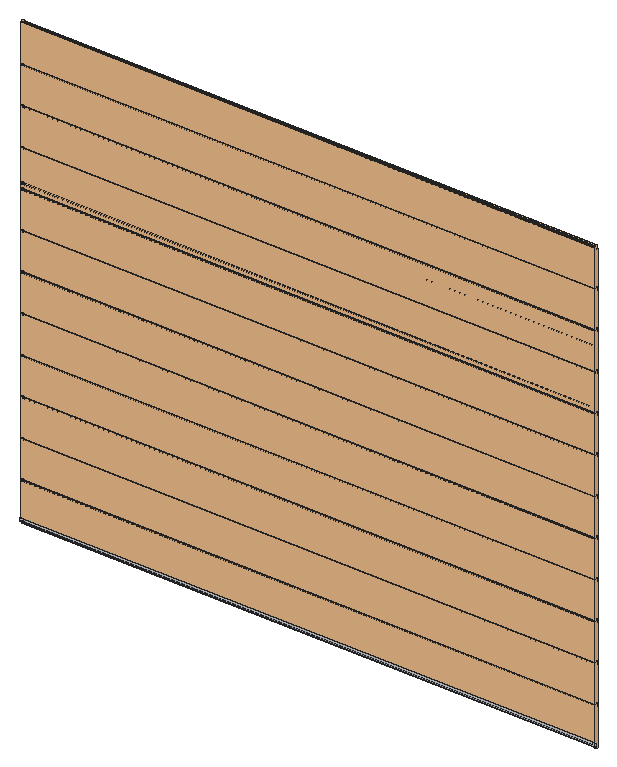
Revit family "Wall-Cladding_Wall-Cladding-13173-Nail_Lamboo", category Generic Models, host Wall, Revit 2024
Family settings
  Host = Wall
  Can host rebar = No
  Round Connector Dimension = Use Diameter
  Part Type = Normal
  Always vertical = Yes
  Cut with Voids When Loaded = Yes
  Maintain Annotation Orientation = No
  Shared = No
  Room Calculation Point = No
Parameters (values of type "Cladding-13173_Nail")
  LL = if(Length < 36.00", 36.00", if(Length > 96.00", 96.00", Length))  # 96.00"
  Keynote = "07 42 23"
  Length = 96.00"
  URL = "https://www.lamboo.us/"
  Specification = "https://www.arcat.com/company/lamboo-technologies-46687/spec"
  Product Documentation Link = "https://www.arcat.com/arcatcos/cos46/arc46687.html"
  Model = "Cladding-13173"
  Manufacturer = "Lamboo® Technologies™"  # constant formula
  Height = 60.00"
  Default Elevation = 0.00"
  Copyright = "© 2022 Lamboo® Technologies™"  # constant formula
Types (2): name | Height
  Cladding-13173_Nail | 60.00"
  Cladding-13173-With Nail | 84.00"
Reference planes (in)
  plane 1: y = 0
  plane 2 "Center (Left/Right)": x = 0
  plane 3 "Wall Edge": y = 6
  plane 4: z = 6.416
  plane 5: z = 60
  plane 6: z = 50.869
  plane 7: x = -96
Text (in)
  text "Placement Side" at (0, 40.15149, 123.01588), in view "Right"
  text "Placement Side" at (-70.3804, 28.46503, 0), in view "Ref. Level"
  text "Placement Side" at (0, 81.62555, 140.59947), in view "Left"
Dimensions and locks (in)
  locked: plane 3 "Wall Edge" to host wall
  locked: plane 4 to level at 6.416
  equal spacing: group 1, group 2, group 3, group 4, group 5, group 6, group 7, group 8, group 9, group 10, group 11  (x3)
  "Height": plane 5 to level
  plane 4 to plane 5 = 53.584"
  locked: nested 1 to level at 0.03608
  locked: nested 1 to plane 4 at 6.811
  locked: plane 6 to plane 5 at 9.131
  nested 3 to nested 4 = 6.223"
  plane 4 to nested 5 = 24.892"
  "LL": plane 7 to plane 2 "Center (Left/Right)"
  aligned and locked: nested 1 to plane 2 "Center (Left/Right)"
  aligned and locked: nested 1 to level
  aligned and locked: nested 1 to plane 3 "Wall Edge"
  aligned and locked: plane 5 to nested 6  (x2)
  aligned and locked: plane 3 "Wall Edge" to nested 6
  aligned and locked: nested 6 to plane 2 "Center (Left/Right)"
  aligned and locked: nested 2 to plane 3 "Wall Edge"
  aligned and locked: plane 3 "Wall Edge" to nested 10
Nested families (in)
  nested 1: "Wall cladding Bottom" at (0, 6, 6.416) x (-1, 0, 0) z (0, 0, 1), type "WALL CLADDING- 13173"
  nested 2: "Wall cladding" at (0, 6, 12.639) x (-1, 0, 0) z (0, 0, 1), type "WALL CLADDING- 13173"
  nested 3: "Wall cladding" at (0, 6, 18.862) x (-1, 0, 0) z (0, 0, 1), type "WALL CLADDING- 13173"
  nested 4: "Wall cladding" at (0, 6, 25.085) x (-1, 0, 0) z (0, 0, 1), type "WALL CLADDING- 13173"
  nested 5: "Wall cladding" at (0, 6, 31.308) x (-1, 0, 0) z (0, 0, 1), type "WALL CLADDING- 13173"
  nested 6: "Top" at (0, 6, 50.869) x (-1, 0, 0) z (0, 0, 1), type "WALL CLADDING- 13173"
    with Max. Length 96.00", H1 9.131", Array 9
  nested 7: "Wall cladding" at (0, 6, 37.531) x (-1, 0, 0) z (0, 0, 1), type "WALL CLADDING- 13173"
  nested 8: "Wall cladding" at (0, 6, 43.754) x (-1, 0, 0) z (0, 0, 1), type "WALL CLADDING- 13173"
  nested 9: "Wall cladding" at (0, 6, 49.977) x (-1, 0, 0) z (0, 0, 1), type "WALL CLADDING- 13173"
  nested 10: "Wall cladding" at (0, 6, 56.2) x (-1, 0, 0) z (0, 0, 1), type "WALL CLADDING- 13173"
  nested 11: "Wall cladding" at (0, 6, 62.423) x (-1, 0, 0) z (0, 0, 1), type "WALL CLADDING- 13173"
  nested 12: "Wall cladding" at (0, 6, 68.646) x (-1, 0, 0) z (0, 0, 1), type "WALL CLADDING- 13173"
  nested 13: "Wall cladding" at (0, 6, 74.869) x (-1, 0, 0) z (0, 0, 1), type "WALL CLADDING- 13173"
Definition of nested family "Wall cladding Bottom"
  Parameters (values of type "WALL CLADDING- 13173")
    URL = "https://www.lamboo.us/"
    Thickness = 0.54688"  # constant formula
    Specification = "https://www.arcat.com/cad/lamboo/074223_wall-cladding---13-mm-x-173-mm.pdf"
    Product Page URL = "https://www.arcat.com/company/lamboo-technologies-46687-lamboo/cad"
    Product Documentation Link = "https://www.arcat.com/cad/lamboo/074223_wall-cladding---13-mm-x-173-mm.pdf"
    Model = "WALL CLADDING- 13173"
    Max. Length = 96.00"
    Manufacturer = "Lamboo® Technologies™"  # constant formula
    Length = if(Max. Length > 96.00", 96.00", if(Max. Length < 12.00", 12.00", Max. Length))  # 96.00"
    Height = 6.83984"  # constant formula
    Finishing = none
    Default Elevation = 48.00"
    Copyright = "© 2022 Lamboo® Technologies™"  # constant formula
  Reference planes (in)
    plane 1 "Center (Front/Back)": y = 0
    plane 2: z = 0
    plane 3 "Center (Left/Right)": x = 0
    plane 4: x = 96
  Forms (in)
    Extrusion 1, solid, material <- "Finishing"
      sketch origin (0, 0, -3.12698) x (0, -1, 0) y (0, 0, -1)
        loop
          arc (0.37959, 3.68402) -> (0.36574, 3.67828) -> (0.36, 3.66443) r 0.01959
          line (0.36, 3.66443) -> (0.36, 3.09602) -> (0.19639, 3.09602) -> (0.19699, 3.23312)
          arc (0.19699, 3.23312) -> (0.19124, 3.24713) -> (0.17726, 3.25294) r 0.01973
          line (0.17726, 3.25294) -> (0.01963, 3.25294)
          arc (0.01963, 3.25294) -> (0.00575, 3.24719) -> (0, 3.23331) r 0.01963
          line (0, 3.23331) -> (0, -2.93998) -> (0.17737, -2.93998)
          arc (0.17737, -2.93998) -> (0.19125, -2.94573) -> (0.197, -2.95961) r 0.01963
          line (0.197, -2.95961) -> (0.197, -3.10707)
          arc (0.197, -3.10707) -> (0.20283, -3.12115) -> (0.21691, -3.12698) r 0.01991
          line (0.21691, -3.12698) -> (0.3403, -3.12698)
          arc (0.3403, -3.12698) -> (0.35423, -3.12121) -> (0.36, -3.10728) r 0.0197
          line (0.36, -3.10728) -> (0.36, -2.85698) -> (0.279, -2.81398) -> (0.279, -2.74109) -> (0.279, -2.67398) -> (0.36, -2.63098) -> (0.36, -2.53898) -> (0.455, -2.53898) -> (0.546, -2.44798) -> (0.546, 3.56602)
          arc (0.546, 3.56602) -> (0.51144, 3.64946) -> (0.428, 3.68402) r 0.118
          line (0.428, 3.68402) -> (0.37959, 3.68402)
      from 0 to 96
    Sweep 2, solid
      path origin (0, 0, -3.12698) x (1, 0, 0) y (0, 0, -1)
        loop
          line (0, 3.68402) -> (96, 3.68402)
      profile origin (48, 0, -6.811) x (0, 0, -1) y (0, 1, 0)
        loop
          line (-0.895, 0.08361) -> (-0.895, 0.04761) -> (-0.431, 0.04761) -> (-0.431, -0.19647) -> (-0.588, -0.19647) -> (-0.588, -0.23239) -> (-0.395, -0.23239) -> (-0.395, 0.08361) -> (-0.895, 0.08361)
  Lines and regions (in)
    symbolic lines
      curve 1: line (0, 0.35903, -6.10272) -> (0, 0.044, -6.10272)
      curve 2: line (0, 0.35903, -6.16276) -> (0, 0.35903, -6.10272)
      curve 3: line (0, 0.044, -6.16276) -> (0, 0.35903, -6.16276)
      curve 4: line (0, 0.044, -6.10272) -> (0, 0.044, -6.16276)
      curve 5: line (0, 0.044, -6.20432) -> (0, 0.044, -6.06153)
      curve 6: line (0, 0.00845, -6.08379) -> (0, 0.00845, -6.18206)
      curve 7: arc (0, 0.044, -6.06153) -> (0, 0.02196, -6.06585) -> (0, 0.00845, -6.08379) r 0.03139
      curve 8: arc (0, 0.044, -6.20432) -> (0, 0.02196, -6.2) -> (0, 0.00845, -6.18206) r 0.03139
      curve 9: line (0, 0.35903, -6.10272) -> (0, 0.47883, -6.13259)
      curve 10: line (0, 0.47883, -6.13259) -> (0, 0.35903, -6.16276)
      curve 21: line (0, -0.279, -0.35366) -> (0, 0.64134, -0.35366)
      curve 22: line (0, 0.64134, -0.4137) -> (0, -0.279, -0.4137)
      curve 23: line (0, 0.64134, -0.35366) -> (0, 0.64134, -0.4137)
      curve 24: line (0, 0.64134, -0.35366) -> (0, 0.76149, -0.38361)
      curve 25: line (0, 0.76149, -0.38361) -> (0, 0.64134, -0.4137)
      curve 26: line (0, -0.279, -0.35366) -> (0, -0.3544, -0.27825)
      curve 27: line (0, -0.279, -0.4137) -> (0, -0.3544, -0.4891)
      curve 28: line (0, -0.3544, -0.27825) -> (0, -0.3544, -0.4891)
      curve 29: line (0, -0.15867, -5.31658) -> (0, -0.36867, -5.31658)
      curve 30: line (0, -0.15867, -6.08458) -> (0, -0.15867, -5.31658)
      curve 31: line (0, -0.36867, -6.08458) -> (0, -0.15867, -6.08458)
      curve 32: line (0, -0.36867, -5.31658) -> (0, -0.36867, -6.08458)
      curve 37: line (0, -0.15867, -0.74425) -> (0, -0.36867, -0.74425)
      curve 38: line (0, -0.15867, -1.51225) -> (0, -0.15867, -0.74425)
      curve 39: line (0, -0.36867, -1.51225) -> (0, -0.15867, -1.51225)
      curve 40: line (0, -0.36867, -0.74425) -> (0, -0.36867, -1.51225)
      curve 41: line (0, -0.15867, -4.40212) -> (0, -0.36867, -4.40212)
      curve 42: line (0, -0.15867, -5.17012) -> (0, -0.15867, -4.40212)
      curve 43: line (0, -0.36867, -5.17012) -> (0, -0.15867, -5.17012)
      curve 44: line (0, -0.36867, -4.40212) -> (0, -0.36867, -5.17012)
      curve 45: line (0, -0.15867, -3.48765) -> (0, -0.36867, -3.48765)
      curve 46: line (0, -0.15867, -4.25565) -> (0, -0.15867, -3.48765)
      curve 47: line (0, -0.36867, -4.25565) -> (0, -0.15867, -4.25565)
      curve 48: line (0, -0.36867, -3.48765) -> (0, -0.36867, -4.25565)
      curve 49: line (0, -0.15867, -2.57318) -> (0, -0.36867, -2.57318)
      curve 50: line (0, -0.15867, -3.34118) -> (0, -0.15867, -2.57318)
      curve 51: line (0, -0.36867, -3.34118) -> (0, -0.15867, -3.34118)
      curve 52: line (0, -0.36867, -2.57318) -> (0, -0.36867, -3.34118)
      curve 53: line (0, -0.15867, -1.65872) -> (0, -0.36867, -1.65872)
      curve 54: line (0, -0.15867, -2.42672) -> (0, -0.15867, -1.65872)
      curve 55: line (0, -0.36867, -2.42672) -> (0, -0.15867, -2.42672)
      curve 56: line (0, -0.36867, -1.65872) -> (0, -0.36867, -2.42672)
    symbolic lines, not visible
      curve 11: line (0, 0.35903, -6.10272) -> (0, 0.044, -6.10272)
      curve 12: line (0, 0.35903, -6.16276) -> (0, 0.35903, -6.10272)
      curve 13: line (0, 0.044, -6.16276) -> (0, 0.35903, -6.16276)
      curve 14: line (0, 0.044, -6.10272) -> (0, 0.044, -6.16276)
      curve 15: line (0, 0.044, -6.20432) -> (0, 0.044, -6.06153)
      curve 16: line (0, 0.00845, -6.08379) -> (0, 0.00845, -6.18206)
      curve 17: arc (0, 0.044, -6.06153) -> (0, 0.02196, -6.06585) -> (0, 0.00845, -6.08379) r 0.03139
      curve 18: arc (0, 0.044, -6.20432) -> (0, 0.02196, -6.2) -> (0, 0.00845, -6.18206) r 0.03139
      curve 19: line (0, 0.35903, -6.10272) -> (0, 0.47883, -6.13259)
      curve 20: line (0, 0.47883, -6.13259) -> (0, 0.35903, -6.16276)
      curve 33: line (0, -0.15867, -5.31658) -> (0, -0.36867, -5.31658)
      curve 34: line (0, -0.15867, -6.08458) -> (0, -0.15867, -5.31658)
      curve 35: line (0, -0.36867, -6.08458) -> (0, -0.15867, -6.08458)
      curve 36: line (0, -0.36867, -5.31658) -> (0, -0.36867, -6.08458)
  Dimensions and locks (in)
    "Length": plane 4 to plane 3 "Center (Left/Right)"
    equal spacing: group 3, group 6, group 7, group 8, group 9, group 5  (x3)
    aligned and locked: plane 2 to level
    aligned and locked: plane 4 to Extrusion 1
  Automatic sketch dimensions
    Extrusion 1 sketch curve to plane 1 "Center (Front/Back)" = 0.00"
    plane 1 "Center (Front/Back)" to Extrusion 1 sketch curve = 0.01963"
    Extrusion 1 sketch curve to Extrusion 1 sketch curve = 0.15763"
    plane 1 "Center (Front/Back)" to Extrusion 1 sketch curve = 0.17737"
    Extrusion 1 sketch curve to Extrusion 1 sketch curve = 0.01913"
    Extrusion 1 sketch curve to Extrusion 1 sketch curve = 0.01973"
    Extrusion 1 sketch curve to Extrusion 1 sketch curve = 0.01963"
    Extrusion 1 sketch curve to Extrusion 1 sketch curve = 0.01991"
    Extrusion 1 sketch curve to Extrusion 1 sketch curve = 0.10163"
    Extrusion 1 sketch curve to Extrusion 1 sketch curve = 0.12339"
    Extrusion 1 sketch curve to Extrusion 1 sketch curve = 0.081"
    Extrusion 1 sketch curve to Extrusion 1 sketch curve = 0.0197"
    Extrusion 1 sketch curve to Extrusion 1 sketch curve = 0.16361"
    Extrusion 1 sketch curve to Extrusion 1 sketch curve = 0.01959"
    Extrusion 1 sketch curve to Extrusion 1 sketch curve = 0.04841"
    Extrusion 1 sketch curve to Extrusion 1 sketch curve = 0.095"
    Extrusion 1 sketch curve to Extrusion 1 sketch curve = 0.091"  (x2)
    level to Extrusion 1 sketch curve = 0.00"
    Extrusion 1 sketch curve to Extrusion 1 sketch curve = 0.14746"
    Extrusion 1 sketch curve to Extrusion 1 sketch curve = 0.10263"
    Extrusion 1 sketch curve to Extrusion 1 sketch curve = 0.043"  (x2)
    Extrusion 1 sketch curve to Extrusion 1 sketch curve = 0.07289"
    Extrusion 1 sketch curve to Extrusion 1 sketch curve = 0.06711"
    Extrusion 1 sketch curve to Extrusion 1 sketch curve = 0.092"
    Extrusion 1 sketch curve to Extrusion 1 sketch curve = 0.1371"
    Extrusion 1 sketch curve to Extrusion 1 sketch curve = 0.00009"
    Extrusion 1 sketch curve to Extrusion 1 sketch curve = 0.3329"
    Sweep 2 sketch curve to plane 3 "Center (Left/Right)" = 0.00"
    Sweep 2 sketch curve to plane 4 = 0.00"
    Sweep 2 sketch curve to level = 6.811"
    profile plane to Sweep 2 sketch curve = 0.08361"
    profile plane to Sweep 2 sketch curve = 0.895"
    Sweep 2 sketch curve to Sweep 2 sketch curve = 0.307"
    Sweep 2 sketch curve to Sweep 2 sketch curve = 0.157"
    Sweep 2 sketch curve to Sweep 2 sketch curve = 0.036"
    profile plane to Sweep 2 sketch curve = 0.04761"
    Sweep 2 sketch curve to profile plane = 0.19647"
    Sweep 2 sketch curve to Sweep 2 sketch curve = 0.03592"
    plane 1 "Center (Front/Back)" to curve 28 = 0.3544"
    curve 28 to curve 22 = 0.0754"  (x2)
    curve 25 to plane 1 "Center (Front/Back)" = 0.64134"
    curve 21 to curve 24 = 0.12015"
    curve 22 to level = 0.4137"
    curve 22 to curve 25 = 0.03009"
    curve 22 to curve 23 = 0.06005"
    curve 21 to curve 28 = 0.0754"
    curve 22 to curve 21 = 0.00"
    Extrusion 1 sketch curve to Extrusion 1 sketch curve = 5.544"
Definition of nested family "Wall cladding"
  Parameters (values of type "WALL CLADDING- 13173")
    URL = "https://www.lamboo.us/"
    Thickness = 0.54688"  # constant formula
    Specification = "https://www.arcat.com/cad/lamboo/074223_wall-cladding---13-mm-x-173-mm.pdf"
    Product Page URL = "https://www.arcat.com/company/lamboo-technologies-46687-lamboo/cad"
    Product Documentation Link = "https://www.arcat.com/cad/lamboo/074223_wall-cladding---13-mm-x-173-mm.pdf"
    Model = "WALL CLADDING- 13173"
    Max. Length = 96.00"
    Manufacturer = "Lamboo® Technologies™"  # constant formula
    Length = if(Max. Length > 96.00", 96.00", if(Max. Length < 12.00", 12.00", Max. Length))  # 96.00"
    Height = 6.83984"  # constant formula
    Wood Finishing = none
    Default Elevation = 48.00"
    Copyright = "© 2022 Lamboo® Technologies™"  # constant formula
  Reference planes (in)
    plane 1 "Center (Front/Back)": y = 0
    plane 2: z = 0
    plane 3 "Center (Left/Right)": x = 0
    plane 4: x = 96
  Forms (in)
    Extrusion 1, solid, material <- "Wood Finishing"
      sketch origin (0, 0, -3.12698) x (0, -1, 0) y (0, 0, -1)
        loop
          arc (0.37959, 3.68402) -> (0.36574, 3.67828) -> (0.36, 3.66443) r 0.01959
          line (0.36, 3.66443) -> (0.36, 3.09602) -> (0.19639, 3.09602) -> (0.19699, 3.23312)
          arc (0.19699, 3.23312) -> (0.19124, 3.24713) -> (0.17726, 3.25294) r 0.01973
          line (0.17726, 3.25294) -> (0.01963, 3.25294)
          arc (0.01963, 3.25294) -> (0.00575, 3.24719) -> (0, 3.23331) r 0.01963
          line (0, 3.23331) -> (0, -2.93998) -> (0.17737, -2.93998)
          arc (0.17737, -2.93998) -> (0.19125, -2.94573) -> (0.197, -2.95961) r 0.01963
          line (0.197, -2.95961) -> (0.197, -3.10707)
          arc (0.197, -3.10707) -> (0.20283, -3.12115) -> (0.21691, -3.12698) r 0.01991
          line (0.21691, -3.12698) -> (0.3403, -3.12698)
          arc (0.3403, -3.12698) -> (0.35423, -3.12121) -> (0.36, -3.10728) r 0.0197
          line (0.36, -3.10728) -> (0.36, -2.85698) -> (0.279, -2.81398) -> (0.279, -2.74109) -> (0.279, -2.67398) -> (0.36, -2.63098) -> (0.36, -2.53898) -> (0.455, -2.53898) -> (0.546, -2.44798) -> (0.546, 3.56602)
          arc (0.546, 3.56602) -> (0.51144, 3.64946) -> (0.428, 3.68402) r 0.118
          line (0.428, 3.68402) -> (0.37959, 3.68402)
      from 0 to 96
  Lines and regions (in)
    symbolic lines
      curve 1: line (0, 0.64134, -0.35366) -> (0, -0.279, -0.35366)
      curve 2: line (0, 0.64134, -0.4137) -> (0, 0.64134, -0.35366)
      curve 3: line (0, -0.279, -0.4137) -> (0, 0.64134, -0.4137)
      curve 4: line (0, 0.64134, -0.35366) -> (0, 0.7621, -0.38359)
      curve 5: line (0, 0.7621, -0.38359) -> (0, 0.64134, -0.4137)
      curve 6: line (0, -0.279, -0.35366) -> (0, -0.35386, -0.2788)
      curve 7: line (0, -0.279, -0.4137) -> (0, -0.35386, -0.48856)
      curve 8: line (0, -0.35386, -0.2788) -> (0, -0.35386, -0.48856)
      curve 17: line (0, -0.16365, -5.31111) -> (0, -0.37365, -5.31111)
      curve 18: line (0, -0.16365, -6.07911) -> (0, -0.16365, -5.31111)
      curve 19: line (0, -0.37365, -6.07911) -> (0, -0.16365, -6.07911)
      curve 20: line (0, -0.37365, -5.31111) -> (0, -0.37365, -6.07911)
      curve 25: line (0, -0.16365, -0.73683) -> (0, -0.37365, -0.73683)
      curve 26: line (0, -0.16365, -1.50483) -> (0, -0.16365, -0.73683)
      curve 27: line (0, -0.37365, -1.50483) -> (0, -0.16365, -1.50483)
      curve 28: line (0, -0.37365, -0.73683) -> (0, -0.37365, -1.50483)
      curve 29: line (0, -0.16365, -4.39626) -> (0, -0.37365, -4.39626)
      curve 30: line (0, -0.16365, -5.16426) -> (0, -0.16365, -4.39626)
      curve 31: line (0, -0.37365, -5.16426) -> (0, -0.16365, -5.16426)
      curve 32: line (0, -0.37365, -4.39626) -> (0, -0.37365, -5.16426)
      curve 33: line (0, -0.16365, -3.4814) -> (0, -0.37365, -3.4814)
      curve 34: line (0, -0.16365, -4.2494) -> (0, -0.16365, -3.4814)
      curve 35: line (0, -0.37365, -4.2494) -> (0, -0.16365, -4.2494)
      curve 36: line (0, -0.37365, -3.4814) -> (0, -0.37365, -4.2494)
      curve 37: line (0, -0.16365, -2.56655) -> (0, -0.37365, -2.56655)
      curve 38: line (0, -0.16365, -3.33455) -> (0, -0.16365, -2.56655)
      curve 39: line (0, -0.37365, -3.33455) -> (0, -0.16365, -3.33455)
      curve 40: line (0, -0.37365, -2.56655) -> (0, -0.37365, -3.33455)
      curve 41: line (0, -0.16365, -1.65169) -> (0, -0.37365, -1.65169)
      curve 42: line (0, -0.16365, -2.41969) -> (0, -0.16365, -1.65169)
      curve 43: line (0, -0.37365, -2.41969) -> (0, -0.16365, -2.41969)
      curve 44: line (0, -0.37365, -1.65169) -> (0, -0.37365, -2.41969)
    symbolic lines, not visible
      curve 9: line (0, 0.64134, -0.35366) -> (0, -0.279, -0.35366)
      curve 10: line (0, 0.64134, -0.4137) -> (0, 0.64134, -0.35366)
      curve 11: line (0, -0.279, -0.4137) -> (0, 0.64134, -0.4137)
      curve 12: line (0, 0.64134, -0.35366) -> (0, 0.7621, -0.38359)
      curve 13: line (0, 0.7621, -0.38359) -> (0, 0.64134, -0.4137)
      curve 14: line (0, -0.279, -0.35366) -> (0, -0.35386, -0.2788)
      curve 15: line (0, -0.279, -0.4137) -> (0, -0.35386, -0.48856)
      curve 16: line (0, -0.35386, -0.2788) -> (0, -0.35386, -0.48856)
      curve 21: line (0, -0.15, -5.455) -> (0, -0.36, -5.455)
      curve 22: line (0, -0.15, -6.223) -> (0, -0.15, -5.455)
      curve 23: line (0, -0.36, -6.223) -> (0, -0.15, -6.223)
      curve 24: line (0, -0.36, -5.455) -> (0, -0.36, -6.223)
  Dimensions and locks (in)
    "Length": plane 4 to plane 3 "Center (Left/Right)"
    equal spacing: group 3, group 6, group 7, group 8, group 9, group 5  (x3)
    aligned and locked: plane 2 to level
    aligned and locked: plane 4 to Extrusion 1
  Automatic sketch dimensions
    Extrusion 1 sketch curve to plane 1 "Center (Front/Back)" = 0.00"
    plane 1 "Center (Front/Back)" to Extrusion 1 sketch curve = 0.01963"
    Extrusion 1 sketch curve to Extrusion 1 sketch curve = 0.15763"
    plane 1 "Center (Front/Back)" to Extrusion 1 sketch curve = 0.17737"
    Extrusion 1 sketch curve to Extrusion 1 sketch curve = 0.01913"
    Extrusion 1 sketch curve to Extrusion 1 sketch curve = 0.01973"
    Extrusion 1 sketch curve to Extrusion 1 sketch curve = 0.01963"
    Extrusion 1 sketch curve to Extrusion 1 sketch curve = 0.01991"
    Extrusion 1 sketch curve to Extrusion 1 sketch curve = 0.10163"
    Extrusion 1 sketch curve to Extrusion 1 sketch curve = 0.12339"
    Extrusion 1 sketch curve to Extrusion 1 sketch curve = 0.081"
    Extrusion 1 sketch curve to Extrusion 1 sketch curve = 0.0197"
    Extrusion 1 sketch curve to Extrusion 1 sketch curve = 0.16361"
    Extrusion 1 sketch curve to Extrusion 1 sketch curve = 0.01959"
    Extrusion 1 sketch curve to Extrusion 1 sketch curve = 0.04841"
    Extrusion 1 sketch curve to Extrusion 1 sketch curve = 0.095"
    Extrusion 1 sketch curve to Extrusion 1 sketch curve = 0.091"  (x2)
    level to Extrusion 1 sketch curve = 0.00"
    Extrusion 1 sketch curve to Extrusion 1 sketch curve = 0.14746"
    Extrusion 1 sketch curve to Extrusion 1 sketch curve = 0.10263"
    Extrusion 1 sketch curve to Extrusion 1 sketch curve = 0.043"  (x2)
    Extrusion 1 sketch curve to Extrusion 1 sketch curve = 0.07289"
    Extrusion 1 sketch curve to Extrusion 1 sketch curve = 0.06711"
    Extrusion 1 sketch curve to Extrusion 1 sketch curve = 0.092"
    Extrusion 1 sketch curve to Extrusion 1 sketch curve = 0.1371"
    Extrusion 1 sketch curve to Extrusion 1 sketch curve = 0.00009"
    Extrusion 1 sketch curve to Extrusion 1 sketch curve = 0.3329"
    Extrusion 1 sketch curve to Extrusion 1 sketch curve = 5.544"
Definition of nested family "Top"
  Parameters (values of type "WALL CLADDING- 13173")
    URL = "https://www.lamboo.us/"
    Thickness = 0.54688"  # constant formula
    Specification = "https://www.arcat.com/cad/lamboo/074223_wall-cladding---13-mm-x-173-mm.pdf"
    Product Page URL = "https://www.arcat.com/company/lamboo-technologies-46687-lamboo/cad"
    Product Documentation Link = "https://www.arcat.com/cad/lamboo/074223_wall-cladding---13-mm-x-173-mm.pdf"
    Model = "WALL CLADDING- 13173"
    Max. Length = 1110.00"
    Manufacturer = "Lamboo® Technologies™"  # constant formula
    Length = if(Max. Length > 96.00", 96.00", if(Max. Length < 12.00", 12.00", Max. Length))  # 96.00"
    Height = 6.83984"  # constant formula
    Wood Finishing = none
    H1 = 3.00"
    Default Elevation = 48.00"
    Copyright = "© 2022 Lamboo® Technologies™"  # constant formula
    Array = H1 / 1.00"  # 3
  Reference planes (in)
    plane 1 "Center (Front/Back)": y = 0
    plane 2: z = 0
    plane 3 "Center (Left/Right)": x = 0
    plane 4: x = 96
    plane 5: z = 3
  Forms (in)
    Extrusion 1, solid, material <- "Wood Finishing"
      sketch origin (0, 0, -3.12698) x (0, -1, 0) y (0, 0, -1)
        loop
          arc (0.37959, -2.53898) -> (0.36574, -2.54472) -> (0.36, -2.55857) r 0.01959
          line (0.36, -2.55857) -> (0.36, -3.12698) -> (0.19639, -3.12698) -> (0.19699, -2.98988)
          arc (0.19699, -2.98988) -> (0.19124, -2.97587) -> (0.17726, -2.97006) r 0.01973
          line (0.17726, -2.97006) -> (0.01963, -2.97006)
          arc (0.01963, -2.97006) -> (0.00575, -2.97581) -> (0, -2.98969) r 0.01963
          line (0, -2.98969) -> (0, -6.12698) -> (0.546, -6.12698) -> (0.546, -2.65698)
          arc (0.546, -2.65698) -> (0.51144, -2.57354) -> (0.428, -2.53898) r 0.118
          line (0.428, -2.53898) -> (0.37959, -2.53898)
      from 0 to 96
  Lines and regions (in)
    symbolic lines
      curve 1: line (0, -0.16, 0.89117) -> (0, -0.37, 0.89117)
      curve 2: line (0, -0.16, 0.12317) -> (0, -0.16, 0.89117)
      curve 3: line (0, -0.37, 0.12317) -> (0, -0.16, 0.12317)
      curve 4: line (0, -0.37, 0.89117) -> (0, -0.37, 0.12317)
      curve 5: line (0, -0.16, 1.83104) -> (0, -0.37, 1.83104)
      curve 6: line (0, -0.16, 1.06304) -> (0, -0.16, 1.83104)
      curve 7: line (0, -0.37, 1.06304) -> (0, -0.16, 1.06304)
      curve 8: line (0, -0.37, 1.83104) -> (0, -0.37, 1.06304)
      curve 9: line (0, -0.16, 2.77092) -> (0, -0.37, 2.77092)
      curve 10: line (0, -0.16, 2.00292) -> (0, -0.16, 2.77092)
      curve 11: line (0, -0.37, 2.00292) -> (0, -0.16, 2.00292)
      curve 12: line (0, -0.37, 2.77092) -> (0, -0.37, 2.00292)
      curve 13: line (0, 0.43722, 2.68348) -> (0, -0.48312, 2.68348)
      curve 14: line (0, 0.43722, 2.62343) -> (0, 0.43722, 2.68348)
      curve 15: line (0, -0.48312, 2.62343) -> (0, 0.43722, 2.62343)
      curve 16: line (0, 0.43722, 2.68348) -> (0, 0.55798, 2.65354)
      curve 17: line (0, 0.55798, 2.65354) -> (0, 0.43722, 2.62343)
      curve 18: line (0, -0.48312, 2.68348) -> (0, -0.55798, 2.75834)
      curve 19: line (0, -0.48312, 2.62343) -> (0, -0.55798, 2.54857)
      curve 20: line (0, -0.55798, 2.75834) -> (0, -0.55798, 2.54857)
    symbolic lines, not visible
      curve 21: line (0, 0.64134, -0.35366) -> (0, -0.279, -0.35366)
      curve 22: line (0, 0.64134, -0.4137) -> (0, 0.64134, -0.35366)
      curve 23: line (0, -0.279, -0.4137) -> (0, 0.64134, -0.4137)
      curve 24: line (0, 0.64134, -0.35366) -> (0, 0.7621, -0.38359)
      curve 25: line (0, 0.7621, -0.38359) -> (0, 0.64134, -0.4137)
      curve 26: line (0, -0.279, -0.35366) -> (0, -0.35386, -0.2788)
      curve 27: line (0, -0.279, -0.4137) -> (0, -0.35386, -0.48856)
      curve 28: line (0, -0.35386, -0.2788) -> (0, -0.35386, -0.48856)
  Dimensions and locks (in)
    "Length": plane 4 to plane 3 "Center (Left/Right)"
    equal spacing: group 1, group 2, group 3  (x3)
    locked: curve 3 to plane 2 at 0.12317
    "H1": plane 5 to plane 2
    locked: plane 5 to curve 13 at 0.31652
    aligned and locked: plane 2 to level
    aligned and locked: plane 4 to Extrusion 1
    aligned and locked: Extrusion 1 sketch curve to plane 5
    aligned and locked: Extrusion 1 sketch curve to plane 2
  Automatic sketch dimensions
    Extrusion 1 sketch curve to plane 1 "Center (Front/Back)" = 0.00"
    plane 1 "Center (Front/Back)" to Extrusion 1 sketch curve = 0.01963"
    Extrusion 1 sketch curve to Extrusion 1 sketch curve = 0.15763"
    Extrusion 1 sketch curve to Extrusion 1 sketch curve = 0.01913"
    Extrusion 1 sketch curve to level = 0.1371"
    Extrusion 1 sketch curve to Extrusion 1 sketch curve = 0.01973"
    Extrusion 1 sketch curve to Extrusion 1 sketch curve = 0.16361"
    Extrusion 1 sketch curve to Extrusion 1 sketch curve = 0.01959"
    Extrusion 1 sketch curve to Extrusion 1 sketch curve = 0.04841"
    Extrusion 1 sketch curve to Extrusion 1 sketch curve = 0.118"
    Extrusion 1 sketch curve to level = 0.47"
    Extrusion 1 sketch curve to Extrusion 1 sketch curve = 0.00009"
